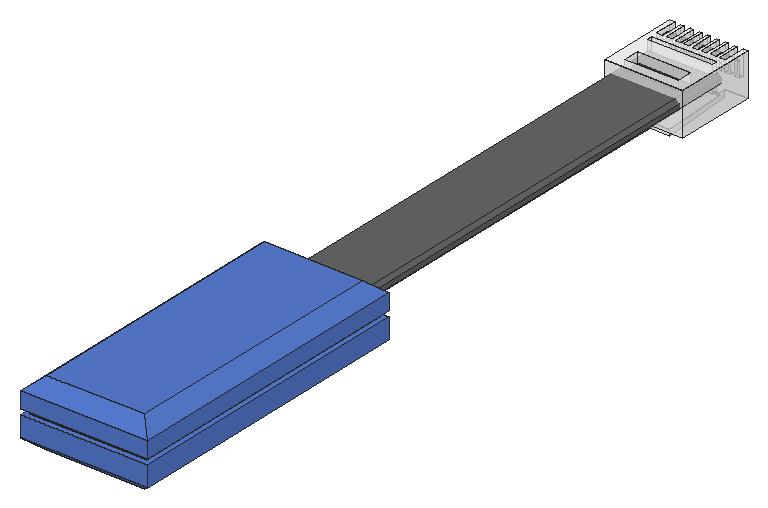
Revit family "NXBTC", category Communication Devices, host Face, Revit 2014
Parameters (values of type "NXBTC")
  Warranty = "5-Years Warranty"  # constant formula
  Voltage = "24V"
  Type Comments = "Bluetooth® Radio Controller"  # constant formula
  Product Page URL = "https://www.hubbell.com/hubbellcontrolsolutions/en/Products/Lighting-Controls/Lighting-Controls-Sensors/NX-Distributed-Intelligence-Lighting-Controls/NX-Bluetooth-Radio-Bridge-with-Real-Time-Clock/p/2795284"
  Product Documentation Link = "https://hubbellcdn.com/specsheet/3454_NX_Bluetooth_Bridge_Module.pdf"
  URL = "https://www.hubbell.com/hubbellcontrolsolutions/en"
  Model = "NXBTC"  # constant formula
  Manufacturer = "Hubbell Control Solutions"  # constant formula
  Plug = Glass - Hubbell - White
  Features = "Bluetooth Technology (Version 4.1)\r\n• Easily pairs with smart phone with active Bluetooth radio\r\n• controlHUBB App available for free download from Apple®\r\nand Google Play™\r\n• Simple RJ45 plug in connection to NX SmartPORT™\r\n• Low voltage device: 24 VDC\r\n• NXBTC provides real time clock function for scheduling\r\n• NXBTC is cULus listed for use in a return air plenum"  # constant formula
  Description = "The NXBTC Bluetooth® Radio Bridge provides a wireless communication bridge for communication via iOS® or Android™ smart device Apps. The compact bridge connects to and is powered by an NX SmartPORT™. The NXBTC uses Bluetooth technology allowing the radio to easily pair with the smart phone. Communication with the NX system for setup and control requires installation of the NX iOS or Android App on the smart device. The NXBTC version of the Bluetooth Radio Bridge contains a Real Time Clock chip and allows schedules to be downloaded and run in stand-alone NXRC Room Controller applications without a network. The NXBTC version also provides password protection for user access preventing unauthorized Bluetooth connection of a smart device."  # constant formula
  Default Elevation = 48.00"
  Copyright = "Copyright © 2021 Hubbell Control Solutions"  # constant formula
  Contact Us = "https://www.hubbell.com/hubbellcontrolsolutions/en/contactUs"
  Housing Material = Metal-Hubbell-Aluminum Anodized Blue
  Cable = Paint - Hubbell - Carbon Black
  Assembly Code = "D5090"
Reference planes (in)
  plane 1 "Center (Front/Back)": y = 13.01342
  plane 2: z = 0
  plane 3 "Center (Left/Right)": x = 0
  plane 4: y = 15.46342
  plane 5: y = 10.56342
  plane 6: x = -0.4
  plane 7: x = 0.4
  plane 8: y = 12.45342
Forms (in)
  Extrusion 1, solid, material "Metal-Hubbell-Aluminum Anodized Blue" <- "Housing Material"
    sketch origin (0, 0, 0) x (1, 0, 0) y (0, 1, 0)
      loop
        line (-0.4, 10.56342) -> (0.4, 10.56342) -> (0.4, 12.45342) -> (-0.4, 12.45342) -> (-0.4, 10.56342)
    from 0 to 0.42
  Sweep 2, void
    path in 3D
      loop
        line (-0.4, 10.56342, 0.42) -> (0.4, 10.56342, 0.42) -> (0.4, 12.45342, 0.42) -> (-0.4, 12.45342, 0.42) -> (-0.4, 10.56342, 0.42)
    profile origin (-0.4, 11.50842, 0.42) x (1, 0, 0) y (0, 0, 1)
      loop
        line (0, 0) -> (0, -0.07739) -> (0.09223, 0) -> (0, 0)
      loop
        line (0, -0.41926) -> (0.09223, -0.41926) -> (0, -0.34188) -> (0, -0.41926)
      loop
        line (0, -0.20963) -> (0.03418, -0.20963) -> (0.03418, -0.17841) -> (0, -0.17841) -> (0, -0.20963)
  Extrusion 3, solid, material "Paint - Hubbell - Carbon Black" <- "Cable"
    sketch origin (0, 13.01342, 0) x (1, 0, 0) y (0, 0, 1)
      loop
        line (-0.2291, 0.21037) -> (-0.20691, 0.18818) -> (0.19519, 0.18818) -> (0.21738, 0.21037) -> (0.21738, 0.24159) -> (0.19519, 0.26378) -> (-0.20691, 0.26378) -> (-0.2291, 0.24159) -> (-0.2291, 0.21037)
    from -2.26471 to 0.65223
  Extrusion 4, solid, material "Glass - Hubbell - White" <- "Plug"
    sketch origin (0, 0, -0.09459) x (1, 0, 0) y (0, 1, 0)
      loop
        line (-0.25222, 14.95342) -> (0.24149, 14.95342) -> (0.24149, 15.46342) -> (-0.25222, 15.46342) -> (-0.25222, 14.95342)
    from 0.14869 to 0.42
  Extrusion 5, void
    sketch origin (0, 0, -0.09459) x (1, 0, 0) y (0, 1, 0)
      loop
        line (-0.17679, 15.018) -> (0.15984, 15.018) -> (0.15984, 15.11856) -> (-0.17679, 15.11856) -> (-0.17679, 15.018)
      loop
        line (-0.21395, 15.27813) -> (-0.21395, 15.24316) -> (0.19482, 15.24316) -> (0.19482, 15.27813) -> (-0.21395, 15.27813)
    from 0.25 to 0.42
  Extrusion 6, void
    sketch origin (0.05776, 0, -0.09459) x (0, 1, 0) y (0, 0, 1)
      loop
        line (15.46342, 0.42) -> (15.32089, 0.42) -> (15.32089, 0.389) -> (15.40667, 0.389)
        arc (15.40667, 0.389) -> (15.42488, 0.38146) -> (15.43242, 0.36325) r 0.02575
        line (15.43242, 0.36325) -> (15.43242, 0.26681) -> (15.46342, 0.26681) -> (15.46342, 0.42)
    from -0.21395 to -0.17679
  Extrusion 7, void
    sketch origin (0.11559, 0, -0.09459) x (0, 1, 0) y (0, 0, 1)
      loop
        line (15.46342, 0.42) -> (15.32089, 0.42) -> (15.32089, 0.389) -> (15.40667, 0.389)
        arc (15.40667, 0.389) -> (15.42488, 0.38146) -> (15.43242, 0.36325) r 0.02575
        line (15.43242, 0.36325) -> (15.43242, 0.26681) -> (15.46342, 0.26681) -> (15.46342, 0.42)
    from -0.21395 to -0.17679
  Extrusion 8, void
    sketch origin (0.16757, 0, -0.09459) x (0, 1, 0) y (0, 0, 1)
      loop
        line (15.46342, 0.42) -> (15.32089, 0.42) -> (15.32089, 0.389) -> (15.40667, 0.389)
        arc (15.40667, 0.389) -> (15.42488, 0.38146) -> (15.43242, 0.36325) r 0.02575
        line (15.43242, 0.36325) -> (15.43242, 0.26681) -> (15.46342, 0.26681) -> (15.46342, 0.42)
    from -0.21395 to -0.17679
  Extrusion 9, void
    sketch origin (-0.00195, 0, -0.09459) x (0, 1, 0) y (0, 0, 1)
      loop
        line (15.46342, 0.42) -> (15.32089, 0.42) -> (15.32089, 0.389) -> (15.40667, 0.389)
        arc (15.40667, 0.389) -> (15.42488, 0.38146) -> (15.43242, 0.36325) r 0.02575
        line (15.43242, 0.36325) -> (15.43242, 0.26681) -> (15.46342, 0.26681) -> (15.46342, 0.42)
    from -0.21395 to -0.17679
  Extrusion 10, solid, material "Glass - Hubbell - White" <- "Plug"
    sketch origin (0, 0, 0) x (1, 0, 0) y (0, 1, 0)
      loop
        line (-0.09952, 15.42475) -> (0.00245, 15.42475) -> (0.09671, 15.42475) -> (0.09671, 15.46342) -> (-0.09952, 15.46342) -> (-0.09952, 15.42475)
    from 0.04 to 0.1
  Extrusion 11, solid, material "Glass - Hubbell - White" <- "Plug"
    sketch origin (0, 0, 0) x (0, 1, 0) y (0, 0, 1)
      loop
        line (15.46342, 0.04) -> (15.42475, 0.04) -> (15.02814, 0.01921) -> (15.02814, -0.01504) -> (15.46342, 0.00777) -> (15.46342, 0.04)
    from -0.09952 to 0.09671
  Extrusion 12, void
    sketch origin (-0.05776, 0, -0.09459) x (0, 1, 0) y (0, 0, -1)
      loop
        line (15.46342, -0.42) -> (15.46342, -0.26681) -> (15.43242, -0.26681) -> (15.43242, -0.36325)
        arc (15.43242, -0.36325) -> (15.42488, -0.38146) -> (15.40667, -0.389) r 0.02575
        line (15.40667, -0.389) -> (15.32089, -0.389) -> (15.32089, -0.42) -> (15.46342, -0.42)
    from -0.21395 to -0.17679
  Extrusion 13, void
    sketch origin (-0.11559, 0, -0.09459) x (0, 1, 0) y (0, 0, -1)
      loop
        line (15.46342, -0.42) -> (15.46342, -0.26681) -> (15.43242, -0.26681) -> (15.43242, -0.36325)
        arc (15.43242, -0.36325) -> (15.42488, -0.38146) -> (15.40667, -0.389) r 0.02575
        line (15.40667, -0.389) -> (15.32089, -0.389) -> (15.32089, -0.42) -> (15.46342, -0.42)
    from -0.21395 to -0.17679
  Extrusion 14, void
    sketch origin (-0.16757, 0, -0.09459) x (0, 1, 0) y (0, 0, -1)
      loop
        line (15.46342, -0.42) -> (15.46342, -0.26681) -> (15.43242, -0.26681) -> (15.43242, -0.36325)
        arc (15.43242, -0.36325) -> (15.42488, -0.38146) -> (15.40667, -0.389) r 0.02575
        line (15.40667, -0.389) -> (15.32089, -0.389) -> (15.32089, -0.42) -> (15.46342, -0.42)
    from -0.21395 to -0.17679
  Extrusion 15, void
    sketch origin (0.00195, 0, -0.09459) x (0, 1, 0) y (0, 0, -1)
      loop
        line (15.46342, -0.42) -> (15.46342, -0.26681) -> (15.43242, -0.26681) -> (15.43242, -0.36325)
        arc (15.43242, -0.36325) -> (15.42488, -0.38146) -> (15.40667, -0.389) r 0.02575
        line (15.40667, -0.389) -> (15.32089, -0.389) -> (15.32089, -0.42) -> (15.46342, -0.42)
    from -0.21395 to -0.17679
Cuts and joins
  Sweep 2 cuts Extrusion 1
  Extrusion 5 cuts Extrusion 3
  Extrusion 5, Extrusion 6, Extrusion 7, Extrusion 8, Extrusion 9, Extrusion 12, Extrusion 13, Extrusion 14, Extrusion 15 cuts Extrusion 4
  Extrusion 12, Extrusion 13, Extrusion 14, Extrusion 15 cuts Extrusion 10
  Extrusion 12, Extrusion 13, Extrusion 14, Extrusion 15 cuts Extrusion 11
  joined: Extrusion 4, Extrusion 10, Extrusion 11
Lines and regions (in)
  sketch lines
    curve 1: line (-0.4, 12.45342, 0.42) -> (-0.4, 10.56342, 0.42)
    curve 2: line (-0.4, 10.56342, 0.42) -> (0.4, 10.56342, 0.42)
    curve 3: line (0.4, 10.56342, 0.42) -> (0.4, 12.45342, 0.42)
    curve 4: line (0.4, 12.45342, 0.42) -> (-0.4, 12.45342, 0.42)
Dimensions and locks (in)
  locked: plane 5 to plane 8 at 1.89
  equal spacing: plane 5, plane 1 "Center (Front/Back)", plane 4
  plane 5 to plane 4 = 4.90"
  locked: plane 6 to plane 7 at 0.8
  aligned and locked: plane 2 to host face
  aligned and locked: level to host face
  aligned and locked: Extrusion 3 to cut or joined group of Extrusion 1, Sweep 2
  aligned and locked: Extrusion 11 to Extrusion 10
  aligned and locked: Extrusion 10 to Extrusion 11
Automatic sketch dimensions
  host sketch curve to host sketch curve = 96.00"  (x2)
  Extrusion 1 sketch curve to plane 6 = 0.00"
  Extrusion 1 sketch curve to plane 7 = 0.00"
  plane 5 to Extrusion 1 sketch curve = 0.00"
  plane 8 to Extrusion 1 sketch curve = 0.00"
  profile plane to Sweep 2 sketch curve = 0.00"  (x3)
  Sweep 2 sketch curve to profile plane = 0.00"
  Sweep 2 sketch curve to profile plane = 0.03418"
  Sweep 2 sketch curve to Sweep 2 sketch curve = 0.09223"
  Sweep 2 sketch curve to profile plane = 0.09223"
  Sweep 2 sketch curve to profile plane = 0.07739"
  Sweep 2 sketch curve to Sweep 2 sketch curve = 0.10102"
  Sweep 2 sketch curve to Sweep 2 sketch curve = 0.03122"
  Sweep 2 sketch curve to Sweep 2 sketch curve = 0.13224"
  Sweep 2 sketch curve to Sweep 2 sketch curve = 0.07739"
  plane 6 to Extrusion 3 sketch curve = 0.1709"
  Extrusion 3 sketch curve to Extrusion 3 sketch curve = 0.02219"  (x6)
  plane 3 "Center (Left/Right)" to Extrusion 3 sketch curve = 0.19519"
  Extrusion 3 sketch curve to Extrusion 3 sketch curve = 0.00"
  level to Extrusion 3 sketch curve = 0.18818"
  Extrusion 3 sketch curve to Extrusion 3 sketch curve = 0.03122"  (x2)
  plane 4 to Extrusion 4 sketch curve = 0.00"
  plane 6 to Extrusion 4 sketch curve = 0.14778"
  Extrusion 4 sketch curve to plane 7 = 0.15851"
  plane 4 to Extrusion 4 sketch curve = 0.51"
  plane 6 to Extrusion 5 sketch curve = 0.18605"
  Extrusion 5 sketch curve to Extrusion 5 sketch curve = 0.03716"
  plane 3 "Center (Left/Right)" to Extrusion 5 sketch curve = 0.15984"
  Extrusion 5 sketch curve to Extrusion 5 sketch curve = 0.03498"  (x2)
  plane 4 to Extrusion 5 sketch curve = 0.44542"
  Extrusion 5 sketch curve to Extrusion 5 sketch curve = 0.10055"
  Extrusion 5 sketch curve to Extrusion 5 sketch curve = 0.1246"
  Extrusion 6 sketch curve to plane 4 = 0.00"
  plane 4 to Extrusion 6 sketch curve = 0.031"
  Extrusion 6 sketch curve to Extrusion 6 sketch curve = 0.02575"
  Extrusion 6 sketch curve to Extrusion 6 sketch curve = 0.08578"
  level to Extrusion 6 sketch curve = 0.17222"
  Extrusion 6 sketch curve to Extrusion 6 sketch curve = 0.09644"
  Extrusion 6 sketch curve to Extrusion 6 sketch curve = 0.031"
  Extrusion 7 sketch curve to plane 4 = 0.00"
  plane 4 to Extrusion 7 sketch curve = 0.031"
  Extrusion 7 sketch curve to Extrusion 7 sketch curve = 0.02575"
  Extrusion 7 sketch curve to Extrusion 7 sketch curve = 0.08578"
  level to Extrusion 7 sketch curve = 0.17222"
  Extrusion 7 sketch curve to Extrusion 7 sketch curve = 0.09644"
  Extrusion 7 sketch curve to Extrusion 7 sketch curve = 0.031"
  Extrusion 8 sketch curve to plane 4 = 0.00"
  plane 4 to Extrusion 8 sketch curve = 0.031"
  Extrusion 8 sketch curve to Extrusion 8 sketch curve = 0.02575"
  Extrusion 8 sketch curve to Extrusion 8 sketch curve = 0.08578"
  level to Extrusion 8 sketch curve = 0.17222"
  Extrusion 8 sketch curve to Extrusion 8 sketch curve = 0.09644"
  Extrusion 8 sketch curve to Extrusion 8 sketch curve = 0.031"
  Extrusion 9 sketch curve to plane 4 = 0.00"
  plane 4 to Extrusion 9 sketch curve = 0.031"
  Extrusion 9 sketch curve to Extrusion 9 sketch curve = 0.02575"
  Extrusion 9 sketch curve to Extrusion 9 sketch curve = 0.08578"
  level to Extrusion 9 sketch curve = 0.17222"
  Extrusion 9 sketch curve to Extrusion 9 sketch curve = 0.09644"
  Extrusion 9 sketch curve to Extrusion 9 sketch curve = 0.031"
  plane 4 to Extrusion 10 sketch curve = 0.00"
  plane 4 to Extrusion 10 sketch curve = 0.03867"
  Extrusion 10 sketch curve to plane 3 "Center (Left/Right)" = 0.09952"
  plane 3 "Center (Left/Right)" to Extrusion 10 sketch curve = 0.00245"
  Extrusion 10 sketch curve to Extrusion 10 sketch curve = 0.09426"
  Extrusion 11 sketch curve to plane 4 = 0.00"
  plane 4 to Extrusion 11 sketch curve = 0.03867"
  level to Extrusion 11 sketch curve = 0.01921"
  Extrusion 11 sketch curve to Extrusion 11 sketch curve = 0.39661"
  level to Extrusion 11 sketch curve = 0.00777"
  Extrusion 11 sketch curve to level = 0.01504"
  level to Extrusion 11 sketch curve = 0.04"
  Extrusion 12 sketch curve to plane 4 = 0.00"
  plane 4 to Extrusion 12 sketch curve = 0.031"
  Extrusion 12 sketch curve to Extrusion 12 sketch curve = 0.02575"
  Extrusion 12 sketch curve to Extrusion 12 sketch curve = 0.08578"
  level to Extrusion 12 sketch curve = 0.32541"
  Extrusion 12 sketch curve to Extrusion 12 sketch curve = 0.031"
  Extrusion 12 sketch curve to Extrusion 12 sketch curve = 0.09644"
  Extrusion 13 sketch curve to plane 4 = 0.00"
  plane 4 to Extrusion 13 sketch curve = 0.031"
  Extrusion 13 sketch curve to Extrusion 13 sketch curve = 0.02575"
  Extrusion 13 sketch curve to Extrusion 13 sketch curve = 0.08578"
  level to Extrusion 13 sketch curve = 0.32541"
  Extrusion 13 sketch curve to Extrusion 13 sketch curve = 0.031"
  Extrusion 13 sketch curve to Extrusion 13 sketch curve = 0.09644"
  Extrusion 14 sketch curve to plane 4 = 0.00"
  plane 4 to Extrusion 14 sketch curve = 0.031"
  Extrusion 14 sketch curve to Extrusion 14 sketch curve = 0.02575"
  Extrusion 14 sketch curve to Extrusion 14 sketch curve = 0.08578"
  level to Extrusion 14 sketch curve = 0.32541"
  Extrusion 14 sketch curve to Extrusion 14 sketch curve = 0.031"
  Extrusion 14 sketch curve to Extrusion 14 sketch curve = 0.09644"
  Extrusion 15 sketch curve to plane 4 = 0.00"
  plane 4 to Extrusion 15 sketch curve = 0.031"
  Extrusion 15 sketch curve to Extrusion 15 sketch curve = 0.02575"
  Extrusion 15 sketch curve to Extrusion 15 sketch curve = 0.08578"
  level to Extrusion 15 sketch curve = 0.32541"
  Extrusion 15 sketch curve to Extrusion 15 sketch curve = 0.031"
  Extrusion 15 sketch curve to Extrusion 15 sketch curve = 0.09644"
Connectors (in)
  electrical at (0, 11.50842, 0.21037)
    settings: on cut or joined group of Extrusion 1, Sweep 2, index 1, voltage 0 V, apparent load 0 VA, apparent load phase1 0 VA, apparent load phase2 0 VA, apparent load phase3 0 VA, power factor 1, load classification "Other", number of poles 1, system type 13, power factor state 1, is connector primary yes, connector utility no, sub classification motor no, connector description "Bluetooth Radio Controller"
